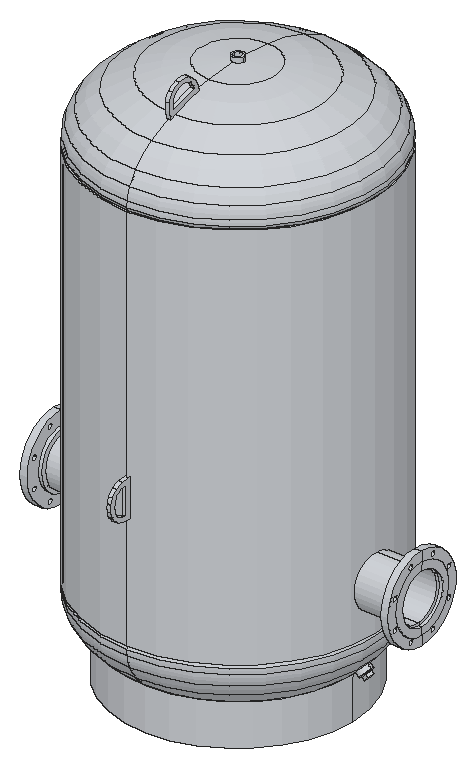
Revit family "CBT-300-6", category Generic Models, Revit 2014
Parameters (values of type "CBT-300-6")
  URL = "http://westank.com/"
  Tank Volume = 300.00 gal
  Part Number = 55360300
  Model = "CBT-300-6"
  Maximum Shipping Weight = 555 lbf
  Flange Connector Diameter = 6"
  Description = "Wessels ASME Chilled Water Buffer Tanks (CBT) are designed for chilled water systems with insufficient water volume capacity in relation to the chiller capacity."
  D = 17 1/2"
  C = 30"
  B = 72"
  A = 36"
Reference planes (in)
  plane 1 "Center (Front/Back)": y = 0
  plane 2: z = 0
  plane 3 "Center (Left/Right)": x = 0
  plane 4: x = -15
  plane 5: x = 15
  plane 6: z = 0
  plane 7: z = 72
  plane 8: x = -18
  plane 9: x = 18
  plane 10: z = 17.5
Forms (in)
  Revolve 1, solid
    sketch origin (0, -0.02461, 0) x (0, 1, 0) y (0, 0, 1)
      loop
        line (-17.97559, 11.40987) -> (-17.77585, 11.40987)
        arc (-17.77585, 11.40987) -> (-17.77901, 11.38745) -> (-17.78675, 11.36617) r 0.10832
        line (-17.78675, 11.36617) -> (-17.97559, 10.97899)
        arc (-17.97559, 10.97899) -> (-17.97692, 10.6034) -> (-17.93634, 10.23002) r 3.36112
        arc (-17.93634, 10.23002) -> (-17.83534, 9.45516) -> (-17.56075, 8.72359) r 3.4127
        arc (-17.56075, 8.72359) -> (-17.14884, 7.91952) -> (-16.63227, 7.17835) r 6.68364
        arc (-16.63227, 7.17835) -> (-15.41449, 5.9118) -> (-13.99078, 4.88214) r 9.83519
        arc (-13.99078, 4.88214) -> (-12.33964, 3.99029) -> (-10.62031, 3.23825) r 22.63963
        arc (-10.62031, 3.23825) -> (-7.74153, 2.33452) -> (-4.76815, 1.82164) r 22.63963
        arc (-4.76815, 1.82164) -> (-2.37465, 1.61295) -> (0.02461, 1.4865) r 70.02787
        line (0.02461, 1.4865) -> (0.02461, 1.65848)
        arc (0.02461, 1.65848) -> (-2.3657, 1.78462) -> (-4.75028, 1.99258) r 69.85599
        arc (-4.75028, 1.99258) -> (-7.70109, 2.50157) -> (-10.55801, 3.39844) r 22.46775
        arc (-10.55801, 3.39844) -> (-12.26429, 4.14477) -> (-13.9029, 5.02985) r 22.46775
        arc (-13.9029, 5.02985) -> (-15.30173, 6.04151) -> (-16.49823, 7.28593) r 9.66331
        arc (-16.49823, 7.28593) -> (-17.00303, 8.01057) -> (-17.40515, 8.79685) r 6.51177
        arc (-17.40515, 8.79685) -> (-17.66943, 9.50016) -> (-17.76465, 10.24543) r 3.24083
        arc (-17.76465, 10.24543) -> (-17.80397, 10.58906) -> (-17.80585, 10.93493) r 3.18924
        line (-17.80585, 10.93493) -> (-17.63227, 11.29083)
        arc (-17.63227, 11.29083) -> (-17.60804, 11.35818) -> (-17.59889, 11.42917) r 0.33041
        line (-17.59889, 11.42917) -> (-17.80365, 11.42917) -> (-17.80365, 62.07314) -> (-17.59889, 62.07314)
        arc (-17.59889, 62.07314) -> (-17.60804, 62.14413) -> (-17.63227, 62.21149) r 0.33041
        line (-17.63227, 62.21149) -> (-17.80585, 62.56739)
        arc (-17.80585, 62.56739) -> (-17.80397, 62.91325) -> (-17.76465, 63.25688) r 3.18924
        arc (-17.76465, 63.25688) -> (-17.66943, 64.00215) -> (-17.40515, 64.70547) r 3.24083
        arc (-17.40515, 64.70547) -> (-17.00303, 65.49175) -> (-16.49823, 66.21639) r 6.51177
        arc (-16.49823, 66.21639) -> (-15.30173, 67.4608) -> (-13.9029, 68.47247) r 9.66331
        arc (-13.9029, 68.47247) -> (-12.26429, 69.35755) -> (-10.55801, 70.10388) r 22.46775
        arc (-10.55801, 70.10388) -> (-7.70109, 71.00074) -> (-4.75028, 71.50973) r 22.46775
        arc (-4.75028, 71.50973) -> (-2.3657, 71.71769) -> (0.02461, 71.84383) r 69.85599
        line (0.02461, 71.84383) -> (0.02461, 72.01582)
        arc (0.02461, 72.01582) -> (-2.37465, 71.88936) -> (-4.76815, 71.68068) r 70.02787
        arc (-4.76815, 71.68068) -> (-7.74153, 71.16779) -> (-10.62031, 70.26407) r 22.63963
        arc (-10.62031, 70.26407) -> (-12.33964, 69.51203) -> (-13.99078, 68.62018) r 22.63963
        arc (-13.99078, 68.62018) -> (-15.41449, 67.59052) -> (-16.63227, 66.32397) r 9.83519
        arc (-16.63227, 66.32397) -> (-17.14884, 65.58279) -> (-17.56075, 64.77872) r 6.68364
        arc (-17.56075, 64.77872) -> (-17.83534, 64.04715) -> (-17.93634, 63.2723) r 3.4127
        arc (-17.93634, 63.2723) -> (-17.97692, 62.89891) -> (-17.97559, 62.52332) r 3.36112
        line (-17.97559, 62.52332) -> (-17.78675, 62.13614)
        arc (-17.78675, 62.13614) -> (-17.77901, 62.11486) -> (-17.77585, 62.09244) r 0.10832
        line (-17.77585, 62.09244) -> (-17.97559, 62.09244) -> (-17.97559, 11.40987)
      axis (0.02461, 1.4865) -> (0.02461, 72.01582)
    angle from 0 to 360
  Revolve 2, solid
    sketch origin (-3.00177, 0, 2.50439) x (-1, 0, 0) y (0, 0, 1)
      loop
        line (19.437, 11.71445) -> (19.437, 11.2177) -> (19.9995, 11.2177) -> (19.9995, 9.49855) -> (20.937, 9.49855) -> (20.937, 10.74856) -> (20.9995, 10.74856) -> (20.9995, 11.71445) -> (19.437, 11.71445)
      axis (20.9995, 14.99561) -> (19.437, 14.99561)
    angle from 0 to 360
  Revolve 3, solid
    sketch origin (1.3301, 0, 3.24654) x (0.990017, 0, -0.140951) y (0.140951, 0, 0.990017)
      loop
        line (14.71753, 6.11956) -> (14.66586, 6.1556) -> (14.25436, 5.56561) -> (14.86992, 5.13627) -> (15.24588, 5.6753) -> (15.19462, 5.71106) -> (15.31904, 5.88945) -> (14.80641, 6.24699) -> (14.71753, 6.11956)
      axis (14.25436, 5.56561) -> (14.86992, 5.13627)
    angle from 0 to 360
  Extrusion 4, solid
    sketch origin (16.3437, -180, 7.27869) x (0.681658, 0, 0.731671) y (0, -1, 0)
      loop
        line (-0.16036, -179.52645) -> (-0.95521, -179.68698) -> (-0.79485, -180.48095) -> (0, -180.32042) -> (-0.16036, -179.52645)
    from 1.02698 to 1.52678
  Extrusion 5, solid
    sketch origin (0, -6.04905, 4.9833) x (0, 1, 0) y (0, 0, 1)
      loop
        line (-11.93439, 21.33067) -> (-11.93439, 26.202)
        arc (-11.93439, 26.202) -> (-12.47846, 26.15164) -> (-13.01533, 26.05008) r 5.77422
        arc (-13.01533, 26.05008) -> (-13.49297, 25.89754) -> (-13.94252, 25.67548) r 3.35288
        arc (-13.94252, 25.67548) -> (-14.34081, 25.36666) -> (-14.64962, 24.96837) r 2.0073
        arc (-14.64962, 24.96837) -> (-14.80343, 24.58932) -> (-14.88788, 24.18906) r 2.30742
        arc (-14.88788, 24.18906) -> (-14.91277, 23.77188) -> (-14.88788, 23.3547) r 3.50846
        arc (-14.88788, 23.3547) -> (-14.79412, 22.92876) -> (-14.61961, 22.52904) r 2.24053
        arc (-14.61961, 22.52904) -> (-14.27401, 22.08806) -> (-13.80999, 21.77406) r 1.8078
        arc (-13.80999, 21.77406) -> (-13.34321, 21.55591) -> (-12.84107, 21.44044) r 2.44481
        arc (-12.84107, 21.44044) -> (-12.39043, 21.36326) -> (-11.93439, 21.33067) r 4.65484
      loop
        arc (-12.44611, 25.63929) -> (-12.67227, 25.60073) -> (-12.89654, 25.55235) r 5.2625
        arc (-12.89654, 25.55235) -> (-13.30128, 25.42308) -> (-13.68221, 25.23491) r 2.84116
        arc (-13.68221, 25.23491) -> (-13.97364, 25.01013) -> (-14.20134, 24.72098) r 1.49558
        arc (-14.20134, 24.72098) -> (-14.3163, 24.43235) -> (-14.37979, 24.12821) r 1.7957
        arc (-14.37979, 24.12821) -> (-14.40106, 23.77188) -> (-14.37979, 23.41555) r 2.99674
        arc (-14.37979, 23.41555) -> (-14.30745, 23.08689) -> (-14.17279, 22.77846) r 1.72881
        arc (-14.17279, 22.77846) -> (-13.91552, 22.45353) -> (-13.56884, 22.22643) r 1.29608
        arc (-13.56884, 22.22643) -> (-13.1779, 22.0402) -> (-12.75531, 21.94566) r 1.9331
        arc (-12.75531, 21.94566) -> (-12.60126, 21.91347) -> (-12.44611, 21.88716) r 4.14312
        line (-12.44611, 21.88716) -> (-12.44611, 25.63929)
    from -0.24366 to 0.25634
  Extrusion 6, solid
    sketch origin (0, -28.53332, 53.09576) x (0, 0.284015, -0.95882) y (0, 0.95882, 0.284015)
      loop
        arc (-11.9298, 25.67102) -> (-12.15596, 25.63246) -> (-12.38023, 25.58408) r 5.2625
        arc (-12.38023, 25.58408) -> (-12.78497, 25.45482) -> (-13.16591, 25.26664) r 2.84116
        arc (-13.16591, 25.26664) -> (-13.45733, 25.04186) -> (-13.68503, 24.75271) r 1.49558
        arc (-13.68503, 24.75271) -> (-13.8, 24.46408) -> (-13.86349, 24.15994) r 1.7957
        arc (-13.86349, 24.15994) -> (-13.88475, 23.80361) -> (-13.86349, 23.44728) r 2.99674
        arc (-13.86349, 23.44728) -> (-13.79114, 23.11862) -> (-13.65649, 22.81019) r 1.72881
        arc (-13.65649, 22.81019) -> (-13.39922, 22.48527) -> (-13.05253, 22.25816) r 1.29608
        arc (-13.05253, 22.25816) -> (-12.66159, 22.07193) -> (-12.239, 21.97739) r 1.9331
        arc (-12.239, 21.97739) -> (-12.08496, 21.94521) -> (-11.9298, 21.91889) r 4.14312
        line (-11.9298, 21.91889) -> (-11.9298, 25.67102)
      loop
        line (-11.17132, 21.34265) -> (-11.17132, 26.18028)
        arc (-11.17132, 26.18028) -> (-12.11834, 26.16865) -> (-13.02719, 25.90227) r 3.48194
        arc (-13.02719, 25.90227) -> (-13.54727, 25.6041) -> (-13.99851, 25.20943) r 3.03185
        arc (-13.99851, 25.20943) -> (-14.28248, 24.55653) -> (-14.39992, 23.8543) r 2.91879
        arc (-14.39992, 23.8543) -> (-14.3348, 23.1787) -> (-14.08611, 22.54717) r 2.44012
        arc (-14.08611, 22.54717) -> (-13.716, 22.08641) -> (-13.21844, 21.76749) r 1.83162
        arc (-13.21844, 21.76749) -> (-12.21655, 21.45065) -> (-11.17132, 21.34265) r 5.1769
    from -0.24366 to 0.25634
  Extrusion 7, solid
    sketch origin (0, 0, 0) x (1, 0, 0) y (0, 1, 0)
      loop
        circle (0, 0) r 0.75
      loop
        circle (0, 0) r 0.5
    from 71.36613 to 72.49354
  Extrusion 8, void
    sketch origin (-3.60333, 0.13917, 2.92385) x (0, 1, 0) y (0, 0, -1)
      loop
        circle (1.68543, -18.95048) r 0.37532
      loop
        circle (4.23502, -12.75587) r 0.37532
      loop
        circle (4.26478, -16.39014) r 0.37532
      loop
        circle (1.69071, -10.19052) r 0.37532
      loop
        circle (-1.94421, -18.952) r 0.37532
      loop
        circle (-4.50861, -12.76748) r 0.37532
      loop
        circle (-4.52799, -16.41231) r 0.37532
      loop
        circle (-1.9508, -10.19413) r 0.37532
    from 18.24548 to 21.39667
  Extrusion 9, void
    sketch origin (0, 0, 0) x (1, 0, 0) y (0, 1, 0)
      loop
        circle (0, 0) r 0.5
    from 70.90268 to 73.75579
  Revolve 10, solid
    sketch origin (0, 0, 0) x (1, 0, 0) y (0, 0, 1)
      loop
        line (14.82824, 5.43485) -> (14.82824, 0) -> (15, 0) -> (15, 5.43485) -> (14.82824, 5.43485)
      axis (0, 5.43485) -> (0, 0)
    angle from 0 to 360
  Revolve 11, solid
    sketch origin (-3.60333, 0, 2.50634) x (1, 0, 0) y (0, 0, 1)
      loop
        line (-13.77294, 11.96426) -> (-19.8981, 11.96426) -> (-19.8981, 11.68412) -> (-13.77294, 11.68412) -> (-13.77294, 11.96426)
      axis (-19.8981, 14.99366) -> (-13.77294, 14.99366)
    angle from 0 to 360
  Extrusion 12, void
    sketch origin (0, 0, 1.25376) x (0, 1, 0) y (0, 0, 1)
      loop
        circle (0, 16.24624) r 3.0294
    from -25.54999 to 27.00963
  Revolve 13, solid
    sketch origin (3.00177, 0, 2.50439) x (1, 0, 0) y (0, 0, 1)
      loop
        line (19.437, 11.71445) -> (19.437, 11.2177) -> (19.9995, 11.2177) -> (19.9995, 9.49855) -> (20.937, 9.49855) -> (20.937, 10.74856) -> (20.9995, 10.74856) -> (20.9995, 11.71445) -> (19.437, 11.71445)
      axis (20.9995, 14.99561) -> (19.437, 14.99561)
    angle from 0 to 360
  Extrusion 14, void
    sketch origin (3.60333, 0.13917, 2.92385) x (0, 1, 0) y (0, 0, 1)
      loop
        circle (1.6787, 18.97931) r 0.37532
      loop
        circle (4.22438, 12.76071) r 0.37532
      loop
        circle (4.24408, 16.40197) r 0.37532
      loop
        circle (1.6748, 10.18762) r 0.37532
      loop
        circle (-1.95978, 18.97535) r 0.37532
      loop
        circle (-4.53461, 12.75359) r 0.37532
      loop
        circle (-4.51281, 16.41231) r 0.37532
      loop
        circle (-1.94707, 10.20264) r 0.37532
    from 18.24548 to 21.39667
  Revolve 15, solid
    sketch origin (3.60333, 0, 2.50634) x (-1, 0, 0) y (0, 0, 1)
      loop
        line (-13.77294, 11.96426) -> (-19.8981, 11.96426) -> (-19.8981, 11.68412) -> (-13.77294, 11.68412) -> (-13.77294, 11.96426)
      axis (-19.8981, 14.99366) -> (-13.77294, 14.99366)
    angle from 0 to 360
Cuts and joins
  joined: Extrusion 4, Extrusion 5, Extrusion 6, Extrusion 7, Revolve 10
  Extrusion 9, Extrusion 12, Extrusion 14 cuts Revolve 1
  Extrusion 8, Extrusion 14 cuts Revolve 2
  joined: Revolve 1, Revolve 2
  Extrusion 8, Extrusion 14 cuts Revolve 13
Dimensions and locks (in)
  "B": plane 7 to level
  "C": plane 5 to plane 4
  "A": plane 9 to plane 8
  "D": plane 10 to level
  aligned and locked: plane 2 to level
  aligned and locked: Revolve 10 sketch curve to plane 3 "Center (Left/Right)"
Automatic sketch dimensions
  Revolve 1 sketch curve to Revolve 1 sketch curve = 0"  (x56)
  Revolve 1 sketch curve to plane 1 "Center (Front/Back)" = 0"  (x3)
  plane 1 "Center (Front/Back)" to Revolve 1 sketch curve = 2.43969"  (x2)
  Revolve 1 sketch curve to plane 10 = 4.16549"
  plane 1 "Center (Front/Back)" to Revolve 1 sketch curve = 8.98663"  (x2)
  Revolve 1 sketch curve to Revolve 1 sketch curve = 2.45782"  (x2)
  Revolve 1 sketch curve to Revolve 1 sketch curve = 3.10417"  (x2)
  Revolve 1 sketch curve to Revolve 1 sketch curve = 0.0964"  (x2)
  Revolve 1 sketch curve to Revolve 1 sketch curve = 2.97849"  (x2)
  Revolve 1 sketch curve to plane 7 = 9.78851"
  Revolve 1 sketch curve to Revolve 1 sketch curve = 0.03338"  (x2)
  Revolve 1 sketch curve to plane 10 = 6.20917"
  Revolve 1 sketch curve to Revolve 1 sketch curve = 0.17696"  (x2)
  Revolve 1 sketch curve to plane 10 = 6.13383"
  Revolve 1 sketch curve to Revolve 1 sketch curve = 0.0109"  (x2)
  Revolve 1 sketch curve to plane 7 = 9.86386"
  Revolve 1 sketch curve to Revolve 1 sketch curve = 0.0278"
  Revolve 1 sketch curve to Revolve 1 sketch curve = 0.17358"  (x2)
  Revolve 1 sketch curve to plane 10 = 6.56507"
  Revolve 1 sketch curve to Revolve 1 sketch curve = 0.08045"  (x2)
  Revolve 1 sketch curve to Revolve 1 sketch curve = 0.04514"  (x2)
  Revolve 1 sketch curve to Revolve 1 sketch curve = 0.04635"
  Revolve 1 sketch curve to plane 10 = 6.52101"
  Revolve 1 sketch curve to Revolve 1 sketch curve = 0.16974"  (x2)
  Revolve 1 sketch curve to plane 7 = 9.47668"
  Revolve 1 sketch curve to plane 7 = 0.52976"
  Revolve 1 sketch curve to plane 1 "Center (Front/Back)" = 2.48565"  (x2)
  Revolve 1 sketch curve to Revolve 1 sketch curve = 0.51151"
  Revolve 1 sketch curve to Revolve 1 sketch curve = 0.49854"  (x2)
  level to Revolve 1 sketch curve = 2.03208"
  level to Revolve 1 sketch curve = 1.65848"
  Revolve 1 sketch curve to Revolve 1 sketch curve = 0.17198"
  Revolve 1 sketch curve to Revolve 1 sketch curve = 1 249/256"  (x2)
  Revolve 1 sketch curve to Revolve 1 sketch curve = 0.0437"
  Revolve 1 sketch curve to Revolve 1 sketch curve = 0.0193"
  plane 10 to Revolve 1 sketch curve = 6.83865"
  Revolve 1 sketch curve to Revolve 1 sketch curve = 13.04782"
  Revolve 1 sketch curve to Revolve 1 sketch curve = 2.04368"
  Revolve 1 sketch curve to Revolve 1 sketch curve = 0.0695"
  Revolve 1 sketch curve to Revolve 1 sketch curve = 0.02202"
  Revolve 1 sketch curve to Revolve 1 sketch curve = 0.04406"
  Revolve 1 sketch curve to Revolve 1 sketch curve = 0.64986"
  Revolve 1 sketch curve to plane 7 = 0.15617"
  plane 7 to Revolve 1 sketch curve = 0.01582"
  Revolve 1 sketch curve to plane 7 = 1.89612"
  level to Revolve 1 sketch curve = 3 51/128"
  Revolve 1 sketch curve to Revolve 1 sketch curve = 0.06229"  (x2)
  Revolve 1 sketch curve to Revolve 1 sketch curve = 0.90692"  (x2)
  Revolve 1 sketch curve to Revolve 1 sketch curve = 0.1556"  (x2)
  Revolve 1 sketch curve to Revolve 1 sketch curve = 4.55443"
  Revolve 1 sketch curve to Revolve 1 sketch curve = 3 3/4"
  Revolve 2 sketch curve to plane 10 = 0"
  plane 8 to Revolve 2 sketch curve = 4.43877"
  Revolve 2 sketch curve to Revolve 2 sketch curve = 9/16"
  Revolve 2 sketch curve to Revolve 2 sketch curve = 15/16"
  Revolve 2 sketch curve to Revolve 2 sketch curve = 1/16"
  plane 10 to Revolve 2 sketch curve = 3.28116"
  Revolve 2 sketch curve to Revolve 2 sketch curve = 0.49675"
  Revolve 2 sketch curve to Revolve 2 sketch curve = 0.96589"
  Revolve 2 sketch curve to Revolve 2 sketch curve = 1 1/4"
  Revolve 2 sketch curve to plane 8 = 0.99857"
  Revolve 2 sketch curve to Revolve 2 sketch curve = 0.68278"
  plane 5 to Revolve 3 sketch curve = 1.22663"
  level to Revolve 3 sketch curve = 6.74742"
  Revolve 3 sketch curve to Revolve 3 sketch curve = 0.4115"
  Revolve 3 sketch curve to Revolve 3 sketch curve = 0.05167"
  Revolve 3 sketch curve to Revolve 3 sketch curve = 0.08888"
  Revolve 3 sketch curve to Revolve 3 sketch curve = 0.61556"
  Revolve 3 sketch curve to Revolve 3 sketch curve = 0.47709"
  Revolve 3 sketch curve to Revolve 3 sketch curve = 0.05126"
  Revolve 3 sketch curve to Revolve 3 sketch curve = 0.42934"
  Revolve 3 sketch curve to Revolve 3 sketch curve = 0.12768"
  Revolve 3 sketch curve to Revolve 3 sketch curve = 0"  (x2)
  Revolve 3 sketch curve to Revolve 3 sketch curve = 0.08905"
  plane 1 "Center (Front/Back)" to Extrusion 4 sketch curve = 0.31302"
  Extrusion 4 sketch curve to plane 1 "Center (Front/Back)" = 0.48095"
  Extrusion 4 sketch curve to Extrusion 4 sketch curve = 0.16036"  (x2)
  plane 1 "Center (Front/Back)" to Extrusion 4 sketch curve = 0.47355"
  Extrusion 4 sketch curve to Extrusion 4 sketch curve = 0.79485"
  Extrusion 4 sketch curve to plane 1 "Center (Front/Back)" = 0.32042"
  Extrusion 5 sketch curve to Extrusion 5 sketch curve = 0"  (x24)
  plane 1 "Center (Front/Back)" to Extrusion 5 sketch curve = 19.09014"
  Extrusion 5 sketch curve to Extrusion 5 sketch curve = 0.11966"
  Extrusion 5 sketch curve to Extrusion 5 sketch curve = 0.25819"
  Extrusion 5 sketch curve to Extrusion 5 sketch curve = 17/256"
  Extrusion 5 sketch curve to Extrusion 5 sketch curve = 0.04958"
  Extrusion 5 sketch curve to Extrusion 5 sketch curve = 0.15073"
  Extrusion 5 sketch curve to Extrusion 5 sketch curve = 0.20915"
  Extrusion 5 sketch curve to Extrusion 5 sketch curve = 131/256"
  Extrusion 5 sketch curve to Extrusion 5 sketch curve = 0.10338"
  Extrusion 5 sketch curve to Extrusion 5 sketch curve = 0.25955"
  Extrusion 5 sketch curve to Extrusion 5 sketch curve = 1.14294"
  plane 10 to Extrusion 5 sketch curve = 7.91692"
  Extrusion 5 sketch curve to Extrusion 5 sketch curve = 0.89706"
  Extrusion 5 sketch curve to Extrusion 5 sketch curve = 0.55648"
  Extrusion 5 sketch curve to Extrusion 5 sketch curve = 0.90165"
  Extrusion 5 sketch curve to Extrusion 5 sketch curve = 0.62139"
  Extrusion 5 sketch curve to Extrusion 5 sketch curve = 27/128"
  Extrusion 5 sketch curve to Extrusion 5 sketch curve = 0.15076"
  Extrusion 5 sketch curve to Extrusion 5 sketch curve = 0.24641"
  Extrusion 5 sketch curve to Extrusion 5 sketch curve = 0.04716"
  Extrusion 5 sketch curve to Extrusion 5 sketch curve = 0.0326"
  Extrusion 5 sketch curve to Extrusion 5 sketch curve = 1.7246"
  Extrusion 5 sketch curve to Extrusion 5 sketch curve = 0.34507"
  Extrusion 5 sketch curve to Extrusion 5 sketch curve = 0.21764"
  Extrusion 5 sketch curve to Extrusion 5 sketch curve = 1.12273"
  Extrusion 5 sketch curve to Extrusion 5 sketch curve = 0.78568"
  Extrusion 5 sketch curve to Extrusion 5 sketch curve = 0.24115"
  Extrusion 5 sketch curve to Extrusion 5 sketch curve = 0.2603"
  Extrusion 5 sketch curve to Extrusion 5 sketch curve = 0.60395"
  Extrusion 5 sketch curve to Extrusion 5 sketch curve = 0.51913"
  Extrusion 5 sketch curve to Extrusion 5 sketch curve = 0.44682"
  Extrusion 5 sketch curve to Extrusion 5 sketch curve = 0.44829"
  Extrusion 6 sketch curve to plane 7 = 0.23736"
  plane 1 "Center (Front/Back)" to Extrusion 6 sketch curve = 9.61397"
  Extrusion 6 sketch curve to Extrusion 6 sketch curve = 0.03301"
  Extrusion 6 sketch curve to Extrusion 6 sketch curve = 0.08665"
  Extrusion 6 sketch curve to Extrusion 6 sketch curve = 0.34483"
  Extrusion 6 sketch curve to Extrusion 6 sketch curve = 17/256"
  Extrusion 6 sketch curve to Extrusion 6 sketch curve = 0.04958"
  Extrusion 6 sketch curve to Extrusion 6 sketch curve = 0.06885"
  Extrusion 6 sketch curve to Extrusion 6 sketch curve = 0.56197"
  Extrusion 6 sketch curve to Extrusion 6 sketch curve = 0.36028"
  Extrusion 6 sketch curve to Extrusion 6 sketch curve = 0.06601"
  Extrusion 6 sketch curve to Extrusion 6 sketch curve = 0.11815"
  Extrusion 6 sketch curve to Extrusion 6 sketch curve = 0.47821"
  Extrusion 6 sketch curve to Extrusion 6 sketch curve = 0.75848"
  Extrusion 6 sketch curve to Extrusion 6 sketch curve = 0.14338"
  Extrusion 6 sketch curve to Extrusion 6 sketch curve = 0.00673"
  Extrusion 6 sketch curve to Extrusion 6 sketch curve = 0.01279"
  Extrusion 6 sketch curve to Extrusion 6 sketch curve = 0.59588"
  Extrusion 6 sketch curve to Extrusion 6 sketch curve = 0.3061"
  Extrusion 6 sketch curve to Extrusion 6 sketch curve = 0.31529"
  Extrusion 6 sketch curve to Extrusion 6 sketch curve = 0.0954"
  Extrusion 6 sketch curve to Extrusion 6 sketch curve = 0.80625"
  Extrusion 6 sketch curve to Extrusion 6 sketch curve = 0.57624"
  Extrusion 6 sketch curve to Extrusion 6 sketch curve = 0.8773"
  Extrusion 6 sketch curve to Extrusion 6 sketch curve = 0.00686"
  Extrusion 6 sketch curve to Extrusion 6 sketch curve = 0.20406"
  Extrusion 6 sketch curve to Extrusion 6 sketch curve = 0.59172"
  Extrusion 6 sketch curve to Extrusion 6 sketch curve = 0.09548"
  Extrusion 6 sketch curve to Extrusion 6 sketch curve = 0.07607"
  Extrusion 6 sketch curve to Extrusion 6 sketch curve = 0.15093"
  Extrusion 6 sketch curve to Extrusion 6 sketch curve = 0.04716"
  Extrusion 6 sketch curve to Extrusion 6 sketch curve = 0.0326"
  Extrusion 6 sketch curve to Extrusion 6 sketch curve = 1.7246"
  Extrusion 6 sketch curve to Extrusion 6 sketch curve = 0.34507"
  Extrusion 6 sketch curve to Extrusion 6 sketch curve = 0.16418"
  Extrusion 6 sketch curve to Extrusion 6 sketch curve = 0.33927"
  Extrusion 6 sketch curve to Extrusion 6 sketch curve = 0"  (x6)
  Extrusion 6 sketch curve to Extrusion 6 sketch curve = 0.1659"
  Extrusion 6 sketch curve to Extrusion 6 sketch curve = 0.13872"
  Extrusion 6 sketch curve to Extrusion 6 sketch curve = 0.42962"
  Extrusion 6 sketch curve to Extrusion 6 sketch curve = 0.51913"
  Extrusion 6 sketch curve to Extrusion 6 sketch curve = 0.31348"
  Extrusion 7 sketch curve to Extrusion 7 sketch curve = 0"  (x2)
  plane 1 "Center (Front/Back)" to Extrusion 7 sketch curve = 0"
  Extrusion 7 sketch curve to plane 3 "Center (Left/Right)" = 0"
  Extrusion 9 sketch curve to Extrusion 9 sketch curve = 0"  (x2)
  plane 1 "Center (Front/Back)" to Extrusion 9 sketch curve = 0"
  Extrusion 9 sketch curve to plane 3 "Center (Left/Right)" = 0"
  Extrusion 9 sketch curve to plane 3 "Center (Left/Right)" = 1/2"
  Revolve 10 sketch curve to level = 0"
  Revolve 10 sketch curve to plane 5 = 0"
  Revolve 10 sketch curve to plane 5 = 0.17176"
  level to Revolve 10 sketch curve = 5.43485"
  level to Revolve 10 sketch curve = 4.69941"
  Revolve 10 sketch curve to Revolve 10 sketch curve = 1"
  Revolve 11 sketch curve to plane 10 = 0"
  Revolve 11 sketch curve to plane 8 = 5.50143"
  plane 8 to Revolve 11 sketch curve = 0.62373"
  Revolve 11 sketch curve to plane 10 = 3.0294"
  Revolve 11 sketch curve to Revolve 11 sketch curve = 0.28014"
  plane 8 to Revolve 11 sketch curve = 0.68628"
  Revolve 11 sketch curve to Revolve 11 sketch curve = 0.36015"
  Revolve 13 sketch curve to plane 10 = 0"
  plane 9 to Revolve 13 sketch curve = 4.43877"
  Revolve 13 sketch curve to Revolve 13 sketch curve = 9/16"
  Revolve 13 sketch curve to Revolve 13 sketch curve = 15/16"
  Revolve 13 sketch curve to Revolve 13 sketch curve = 1/16"
  Revolve 13 sketch curve to plane 10 = 3.28116"
  Revolve 13 sketch curve to Revolve 13 sketch curve = 0.49675"
  Revolve 13 sketch curve to Revolve 13 sketch curve = 0.96589"
  Revolve 13 sketch curve to Revolve 13 sketch curve = 1 1/4"
  Revolve 13 sketch curve to plane 9 = 0.99857"
  Revolve 13 sketch curve to Revolve 13 sketch curve = 0.68278"
  Revolve 15 sketch curve to plane 10 = 0"
  Revolve 15 sketch curve to plane 9 = 5.50143"
  plane 9 to Revolve 15 sketch curve = 0.62373"
  plane 10 to Revolve 15 sketch curve = 3.0294"
  Revolve 15 sketch curve to Revolve 15 sketch curve = 0.28014"
  plane 9 to Revolve 15 sketch curve = 0.68628"
  Revolve 15 sketch curve to Revolve 15 sketch curve = 0.36015"
  plane 10 to Extrusion 8 sketch curve = 1.83616"
  plane 1 "Center (Front/Back)" to Extrusion 8 sketch curve = 4.38882"
  Extrusion 8 sketch curve to plane 10 = 1.80868"
  Extrusion 8 sketch curve to Extrusion 8 sketch curve = 0.01938"
  plane 1 "Center (Front/Back)" to Extrusion 8 sketch curve = 1.81163"
  plane 1 "Center (Front/Back)" to Extrusion 8 sketch curve = 1.80504"
  Extrusion 8 sketch curve to plane 1 "Center (Front/Back)" = 1.82459"
  Extrusion 8 sketch curve to plane 1 "Center (Front/Back)" = 1.82988"
  Extrusion 8 sketch curve to Extrusion 8 sketch curve = 2.54431"
  plane 10 to Extrusion 8 sketch curve = 1.81399"
  Extrusion 8 sketch curve to Extrusion 8 sketch curve = 2.57936"
  Extrusion 8 sketch curve to Extrusion 8 sketch curve = 2.56034"
  Extrusion 8 sketch curve to Extrusion 8 sketch curve = 2.53969"
  Extrusion 8 sketch curve to plane 10 = 1.82028"
  Extrusion 8 sketch curve to Extrusion 8 sketch curve = 2.57335"
  Extrusion 8 sketch curve to Extrusion 8 sketch curve = 2.56536"
  Extrusion 14 sketch curve to plane 10 = 1.82256"
  plane 1 "Center (Front/Back)" to Extrusion 14 sketch curve = 4.39544"
  Extrusion 14 sketch curve to Extrusion 14 sketch curve = 0.0218"
  plane 1 "Center (Front/Back)" to Extrusion 14 sketch curve = 1.82061"
  plane 1 "Center (Front/Back)" to Extrusion 14 sketch curve = 1.8079"
  Extrusion 14 sketch curve to plane 1 "Center (Front/Back)" = 1.81397"
  Extrusion 14 sketch curve to plane 1 "Center (Front/Back)" = 1.81787"
  Extrusion 14 sketch curve to Extrusion 14 sketch curve = 2.54958"
  Extrusion 14 sketch curve to Extrusion 14 sketch curve = 2.56538"
  Extrusion 14 sketch curve to Extrusion 14 sketch curve = 2.55095"
  Extrusion 14 sketch curve to Extrusion 14 sketch curve = 0.01502"
  Extrusion 14 sketch curve to plane 10 = 1.81544"
  plane 10 to Extrusion 14 sketch curve = 1.82581"
  plane 10 to Extrusion 14 sketch curve = 1.83616"
  Extrusion 14 sketch curve to Extrusion 14 sketch curve = 2.56304"
  Extrusion 14 sketch curve to Extrusion 14 sketch curve = 2.57735"
  Extrusion 12 sketch curve to Extrusion 12 sketch curve = 0"  (x2)
  Extrusion 12 sketch curve to plane 1 "Center (Front/Back)" = 0"
  Extrusion 12 sketch curve to plane 10 = 0"
  Extrusion 12 sketch curve to Extrusion 12 sketch curve = 3.0294"
  radius of Extrusion 7 sketch curve = 3/4"
  radius of Extrusion 7 sketch curve = 1/2"
  radius of Extrusion 8 sketch curve = 0.37532"  (x8)
  radius of Extrusion 14 sketch curve = 0.37532"  (x8)
Connectors (in)
  piping at (24.00127, 0, 17.5), diameter 6, driven by "Flange Connector Diameter"
    settings: on cut or joined group of Extrusion 8, Revolve 13, Extrusion 14, index 2, connector inside diameter 24", connector length 0", flow factor 0, pipe flow 0 GPM, pressure drop 0.00 psi, fitting loss kfactor 0, connector angle 0.00°, fixture units 0, engagement length 0", angle of deflection 0.00°, flow configuration 0, flow direction 0, fitting loss method 0, system type 7, joint type 0, gender type 0, connector reference index 3, connector utility 0, adjustable connector no, is connector primary yes, connector description ""
  piping at (-24.00127, 0, 17.5), diameter 6, driven by "Flange Connector Diameter"
    settings: on Revolve 2, index 3, connector inside diameter 24", connector length 0", flow factor 0, pipe flow 0 GPM, pressure drop 0.00 psi, fitting loss kfactor 0, connector angle 0.00°, fixture units 0, engagement length 0", angle of deflection 0.00°, flow configuration 0, flow direction 0, fitting loss method 0, system type 19, joint type 0, gender type 0, connector reference index 2, connector utility 0, adjustable connector no, is connector primary no, connector description ""
